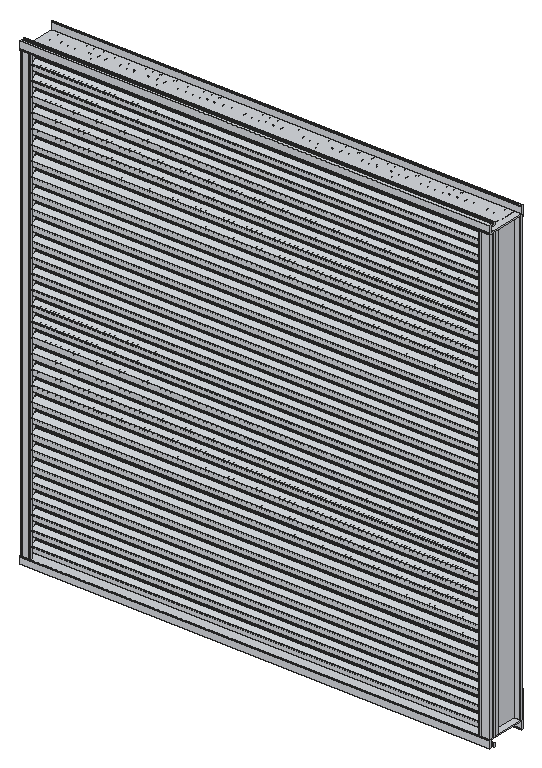
Revit family "D-HV-4", category Mechanical Equipment, Revit 2015
Parameters
  URL = "http://unitedenertech.com/catalog/pdf/A_18a%20D-HV-4.pdf"
  Type Comments = "Max. Single Section Size is (120\"w  x  84\"h) or (84\"w  x  120\"h)"
  Model = "D-HV-4"
  Manufacturer = "United Enertech Corporation"
  Exact Width = 4' - 0"
  Exact Height = 4' - 0"
  Description = "High Performance Fixed Louver"
  Depth = 0' - 4.21363"
  Blade Spacing = 0' - 1.47"
  Blade 2 Spacing = 0' - 0 3/4"
  Blade 2 Number [instance] = rounddown((Exact Width - 0' 1 11/16") / 0' 0 3/4")  # 61
  Blade 1 Number [instance] = rounddown((Exact Height - 0' 1 3/4") / 0' 1 15/32")  # 31
  B2W [instance] = Exact Height - 0' 1 3/4"  # 3' - 10 1/4"
  B1W [instance] = Exact Width - 0' 1 11/16"  # 3' - 10 5/16"
Reference planes (in)
  plane 1 "Center (Front/Back)": y = 0
  plane 2: z = 0
  plane 3 "Center (Left/Right)": x = 0
  plane 4: x = -24
  plane 5: x = 24
  plane 6: z = 48
  plane 7: x = -23.166
  plane 8: x = 23.166
  plane 9: z = 0.875
  plane 10: z = 47.125
  plane 11: y = 4.21363
  plane 12: z = 24
  plane 13: x = -22.60772
Forms (in)
  Extrusion 1, solid
    sketch origin (29.57251, -4.10359, 0) x (1, 0, 0) y (0, 1, 0)
      loop
        line (-52.44751, 4.10359) -> (-52.44751, 4.23623) -> (-52.73851, 4.23623) -> (-52.73851, 4.34323) -> (-52.81951, 4.34323) -> (-52.81951, 4.23623) -> (-53.27651, 4.23623) -> (-53.27651, 4.73623) -> (-53.44551, 4.73623) -> (-53.44551, 5.07423) -> (-52.73851, 5.07423) -> (-52.73851, 8.18623) -> (-52.44751, 8.18623) -> (-52.44751, 8.23623) -> (-53.57251, 8.23623) -> (-53.57251, 8.04823) -> (-53.49151, 8.04823) -> (-53.49151, 8.15523) -> (-52.81951, 8.15523) -> (-52.81951, 5.15523) -> (-53.52651, 5.15523) -> (-53.52651, 4.73623) -> (-53.57251, 4.73623) -> (-53.57251, 4.65523) -> (-53.52651, 4.65523) -> (-53.52651, 4.59323) -> (-53.44551, 4.59323) -> (-53.44551, 4.65523) -> (-53.35751, 4.65523) -> (-53.35751, 4.23623) -> (-53.44551, 4.23623) -> (-53.44551, 4.37423) -> (-53.52651, 4.37423) -> (-53.52651, 4.15523) -> (-52.5656, 4.15523) -> (-52.5656, 4.10359) -> (-52.44751, 4.10359)
    from 0.875 to 47.125
  Extrusion 2, solid
    sketch origin (-29.57251, -4.10359, 0) x (-1, 0, 0) y (0, -1, 0)
      loop
        line (-52.44751, -4.10359) -> (-52.5656, -4.10359) -> (-52.5656, -4.15523) -> (-53.52651, -4.15523) -> (-53.52651, -4.37423) -> (-53.44551, -4.37423) -> (-53.44551, -4.23623) -> (-53.35751, -4.23623) -> (-53.35751, -4.65523) -> (-53.44551, -4.65523) -> (-53.44551, -4.59323) -> (-53.52651, -4.59323) -> (-53.52651, -4.65523) -> (-53.57251, -4.65523) -> (-53.57251, -4.73623) -> (-53.52651, -4.73623) -> (-53.52651, -5.15523) -> (-52.81951, -5.15523) -> (-52.81951, -8.15523) -> (-53.49151, -8.15523) -> (-53.49151, -8.04823) -> (-53.57251, -8.04823) -> (-53.57251, -8.23623) -> (-52.44751, -8.23623) -> (-52.44751, -8.18623) -> (-52.73851, -8.18623) -> (-52.73851, -5.07423) -> (-53.44551, -5.07423) -> (-53.44551, -4.73623) -> (-53.27651, -4.73623) -> (-53.27651, -4.23623) -> (-52.81951, -4.23623) -> (-52.81951, -4.34323) -> (-52.73851, -4.34323) -> (-52.73851, -4.23623) -> (-52.44751, -4.23623) -> (-52.44751, -4.10359)
    from 0.875 to 47.125
  Extrusion 3, solid
    sketch origin (-49.56901, 55.11197, -8.09423) x (0, 1, 0) y (0, 0, 1)
      loop
        line (-54.56033, 8.09423) -> (-54.47933, 8.09423) -> (-54.47933, 8.41923) -> (-54.97933, 8.41923) -> (-54.97933, 8.88823) -> (-50.97933, 8.88823) -> (-50.97933, 8.17523) -> (-51.08633, 8.17523) -> (-51.08633, 8.09423) -> (-50.89833, 8.09423) -> (-50.89833, 11.76923) -> (-50.97933, 11.76923) -> (-50.97933, 8.96923) -> (-55.11197, 8.96923) -> (-55.11197, 8.88823) -> (-55.06033, 8.88823) -> (-55.06033, 8.16923) -> (-54.84233, 8.16923) -> (-54.84233, 8.25023) -> (-54.97933, 8.25023) -> (-54.97933, 8.33823) -> (-54.56033, 8.33823) -> (-54.56033, 8.25023) -> (-54.62333, 8.25023) -> (-54.62333, 8.16923) -> (-54.56033, 8.16923) -> (-54.56033, 8.09423)
    from 25.56901 to 73.56901
  Extrusion 4, solid
    sketch origin (-46.30871, 56.021, 18.8787) x (0, 1, 0) y (0, 0, 1)
      loop
        line (-56.021, 28.2463) -> (-51.88837, 28.2463) -> (-51.88837, 27.9963) -> (-51.80737, 27.9963) -> (-51.80737, 29.1213) -> (-51.99537, 29.1213) -> (-51.99537, 29.0403) -> (-51.88837, 29.0403) -> (-51.88837, 28.3273) -> (-55.88837, 28.3273) -> (-55.88837, 28.7963) -> (-55.38837, 28.7963) -> (-55.38837, 29.1213) -> (-55.46937, 29.1213) -> (-55.46937, 29.0463) -> (-55.53237, 29.0463) -> (-55.53237, 28.9653) -> (-55.46937, 28.9653) -> (-55.46937, 28.8773) -> (-55.88837, 28.8773) -> (-55.88837, 28.9653) -> (-55.75137, 28.9653) -> (-55.75137, 29.0463) -> (-55.96937, 29.0463) -> (-55.96937, 28.3273) -> (-56.021, 28.3273) -> (-56.021, 28.2463)
    from 22.30871 to 70.30871
Dimensions and locks (in)
  equal spacing: plane 4, plane 3 "Center (Left/Right)", plane 5
  "Exact Width": plane 4 to plane 5
  "Exact Height": plane 6 to level
  locked: plane 4 to plane 7 at 0.834
  locked: plane 8 to plane 5 at 0.834
  locked: plane 9 to level at 0.875
  locked: plane 6 to plane 10 at 0.875
  "Depth": plane 1 "Center (Front/Back)" to plane 11
  equal spacing: group 1, group 2, group 3, group 4, group 5, group 6, group 7, group 8, group 9, group 10, group 11, group 12, group 13, group 14, group 15, group 16, group 17, group 18, group 19, group 20, group 21, group 22, group 23, group 85, group 86, group 87, group 88, group 89, group 90, group 91, group 92  (x2)
  equal spacing: group 92, group 91, group 90, group 89, group 88, group 87, group 86, group 85, group 23, group 22, group 21, group 20, group 19, group 18, group 17, group 16, group 15, group 14, group 13, group 12, group 11, group 10, group 9, group 8, group 7, group 6, group 5, group 4, group 3, group 2, group 1
  "Blade Spacing": nested 2 to nested 1
  equal spacing: plane 6, plane 12, level
  locked: plane 7 to plane 13 at 0.55828
  equal spacing: group 24, group 25, group 26, group 27, group 28, group 29, group 30, group 31, group 32, group 33, group 34, group 35, group 36, group 37, group 38, group 39, group 40, group 41, group 42, group 43, group 44, group 45, group 46, group 47, group 48, group 49, group 50, group 51, group 52, group 53, group 54, group 55, group 56, group 57, group 58, group 59, group 60, group 61, group 62, group 63, group 64, group 65, group 66, group 67, group 68, group 69, group 70, group 71, group 72, group 73, group 74, group 75, group 76, group 77, group 78, group 79, group 80, group 81, group 82, group 83, group 84  (x3)
  "Blade 2 Spacing": nested 24 to nested 25
  aligned and locked: level to plane 2
  aligned and locked: plane 5 to Extrusion 3
  aligned and locked: plane 4 to Extrusion 3
  aligned and locked: Extrusion 1 to plane 9
  aligned and locked: Extrusion 2 to plane 9
  aligned and locked: plane 6 to Extrusion 4
  aligned and locked: plane 5 to Extrusion 4
  aligned and locked: plane 4 to Extrusion 4
  aligned and locked: plane 10 to Extrusion 1
  aligned and locked: plane 10 to Extrusion 2
  aligned and locked: plane 3 "Center (Left/Right)" to nested 1
  aligned and locked: Extrusion 4 to plane 10
  aligned and locked: Extrusion 1 to Extrusion 4
  aligned and locked: plane 10 to nested 1
  aligned and locked: nested 2 to nested 1
  aligned and locked: plane 12 to nested 24
  aligned and locked: plane 13 to nested 24
  aligned and locked: nested 25 to nested 24
Automatic sketch dimensions
  Extrusion 1 sketch curve to plane 4 = 0' - 0"  (x2)
  plane 1 "Center (Front/Back)" to Extrusion 1 sketch curve = 0' - 0"
  Extrusion 1 sketch curve to plane 4 = 0' - 0.046"  (x3)
  Extrusion 1 sketch curve to plane 4 = 0' - 0.081"
  Extrusion 1 sketch curve to Extrusion 1 sketch curve = 0' - 0.081"  (x10)
  Extrusion 1 sketch curve to Extrusion 1 sketch curve = 0' - 0.088"
  Extrusion 1 sketch curve to plane 1 "Center (Front/Back)" = 0' - 0.13263"
  Extrusion 1 sketch curve to Extrusion 1 sketch curve = 0' - 0.457"
  Extrusion 1 sketch curve to Extrusion 1 sketch curve = 0' - 0.672"
  Extrusion 1 sketch curve to plane 1 "Center (Front/Back)" = 0' - 0.05163"
  Extrusion 1 sketch curve to Extrusion 1 sketch curve = 0' - 0.17291"
  Extrusion 1 sketch curve to Extrusion 1 sketch curve = 0' - 0.11809"
  Extrusion 1 sketch curve to Extrusion 1 sketch curve = 0' - 0.291"
  Extrusion 1 sketch curve to Extrusion 1 sketch curve = 0' - 0"  (x2)
  Extrusion 1 sketch curve to Extrusion 1 sketch curve = 0' - 0.107"  (x2)
  Extrusion 1 sketch curve to Extrusion 1 sketch curve = 0' - 0.138"
  Extrusion 1 sketch curve to Extrusion 1 sketch curve = 0' - 0.219"
  Extrusion 1 sketch curve to Extrusion 1 sketch curve = 0' - 0.062"  (x2)
  Extrusion 1 sketch curve to Extrusion 1 sketch curve = 0' - 0.338"
  Extrusion 1 sketch curve to Extrusion 1 sketch curve = 0' - 2.893"
  Extrusion 1 sketch curve to Extrusion 1 sketch curve = 0' - 0.031"
  Extrusion 2 sketch curve to plane 5 = 0' - 0"  (x2)
  plane 1 "Center (Front/Back)" to Extrusion 2 sketch curve = 0' - 0"
  plane 5 to Extrusion 2 sketch curve = 0' - 0.046"  (x3)
  Extrusion 2 sketch curve to Extrusion 2 sketch curve = 0' - 0.081"  (x11)
  Extrusion 2 sketch curve to Extrusion 2 sketch curve = 0' - 0.088"
  plane 1 "Center (Front/Back)" to Extrusion 2 sketch curve = 0' - 0.13263"
  Extrusion 2 sketch curve to Extrusion 2 sketch curve = 0' - 0.457"
  Extrusion 2 sketch curve to Extrusion 2 sketch curve = 0' - 0.672"
  plane 1 "Center (Front/Back)" to Extrusion 2 sketch curve = 0' - 0.05163"
  Extrusion 2 sketch curve to Extrusion 2 sketch curve = 0' - 0.17291"
  Extrusion 2 sketch curve to Extrusion 2 sketch curve = 0' - 0.11809"
  Extrusion 2 sketch curve to Extrusion 2 sketch curve = 0' - 0.291"
  Extrusion 2 sketch curve to Extrusion 2 sketch curve = 0' - 0"  (x2)
  Extrusion 2 sketch curve to Extrusion 2 sketch curve = 0' - 0.107"  (x2)
  Extrusion 2 sketch curve to Extrusion 2 sketch curve = 0' - 0.138"
  Extrusion 2 sketch curve to Extrusion 2 sketch curve = 0' - 0.219"
  Extrusion 2 sketch curve to Extrusion 2 sketch curve = 0' - 0.062"  (x2)
  Extrusion 2 sketch curve to Extrusion 2 sketch curve = 0' - 0.338"
  Extrusion 2 sketch curve to Extrusion 2 sketch curve = 0' - 2.893"
  Extrusion 2 sketch curve to Extrusion 2 sketch curve = 0' - 0.031"
  Extrusion 3 sketch curve to plane 1 "Center (Front/Back)" = 0' - 0"
  Extrusion 3 sketch curve to Extrusion 3 sketch curve = 0' - 0.05163"
  Extrusion 3 sketch curve to Extrusion 3 sketch curve = 0' - 0.081"  (x8)
  Extrusion 3 sketch curve to Extrusion 3 sketch curve = 0' - 0"  (x5)
  Extrusion 3 sketch curve to Extrusion 3 sketch curve = 0' - 0.137"
  Extrusion 3 sketch curve to Extrusion 3 sketch curve = 0' - 0.219"
  Extrusion 3 sketch curve to Extrusion 3 sketch curve = 0' - 0.063"  (x2)
  Extrusion 3 sketch curve to Extrusion 3 sketch curve = 0' - 3.393"
  Extrusion 3 sketch curve to Extrusion 3 sketch curve = 0' - 0.107"
  level to Extrusion 3 sketch curve = 0' - 0"
  Extrusion 3 sketch curve to Extrusion 3 sketch curve = 0' - 0.075"
  Extrusion 3 sketch curve to Extrusion 3 sketch curve = 0' - 0.088"
  Extrusion 3 sketch curve to Extrusion 3 sketch curve = 0' - 0.713"
  Extrusion 3 sketch curve to Extrusion 3 sketch curve = 0' - 2.8"
  Extrusion 4 sketch curve to plane 1 "Center (Front/Back)" = 0' - 0"
  Extrusion 4 sketch curve to Extrusion 4 sketch curve = 0' - 0.05163"
  Extrusion 4 sketch curve to Extrusion 4 sketch curve = 0' - 0.081"  (x9)
  Extrusion 4 sketch curve to Extrusion 4 sketch curve = 0' - 0.137"
  Extrusion 4 sketch curve to Extrusion 4 sketch curve = 0' - 0.219"
  Extrusion 4 sketch curve to Extrusion 4 sketch curve = 0' - 0.063"  (x2)
  Extrusion 4 sketch curve to Extrusion 4 sketch curve = 0' - 3.393"
  Extrusion 4 sketch curve to Extrusion 4 sketch curve = 0' - 0.107"
  Extrusion 4 sketch curve to Extrusion 4 sketch curve = 0' - 0"  (x2)
  plane 9 to Extrusion 4 sketch curve = 3' - 10"
  Extrusion 4 sketch curve to Extrusion 4 sketch curve = 0' - 0 1/4"
  Extrusion 4 sketch curve to Extrusion 4 sketch curve = 0' - 0.469"
  Extrusion 4 sketch curve to Extrusion 4 sketch curve = 0' - 0.088"  (x2)
  Extrusion 4 sketch curve to Extrusion 4 sketch curve = 0' - 0.713"
  Extrusion 4 sketch curve to Extrusion 4 sketch curve = 0' - 0.075"
Nested families (in)
  nested 1: "DHVBlade1" at (0, -6.89052, 40.3854), type "DHVBlade1"
    with Blade Width 1 3' - 10 5/16"
  nested 2: "DHVBlade1" at (0, -6.89052, 38.9154), type "DHVBlade1"
    with Blade Width 1 3' - 10 5/16"
  nested 3: "DHVBlade1" at (0, -6.89052, 37.4454), type "DHVBlade1"
    with Blade Width 1 3' - 10 5/16"
  nested 4: "DHVBlade1" at (0, -6.89052, 35.9754), type "DHVBlade1"
    with Blade Width 1 3' - 10 5/16"
  nested 5: "DHVBlade1" at (0, -6.89052, 34.5054), type "DHVBlade1"
    with Blade Width 1 3' - 10 5/16"
  nested 6: "DHVBlade1" at (0, -6.89052, 33.0354), type "DHVBlade1"
    with Blade Width 1 3' - 10 5/16"
  nested 7: "DHVBlade1" at (0, -6.89052, 31.5654), type "DHVBlade1"
    with Blade Width 1 3' - 10 5/16"
  nested 8: "DHVBlade1" at (0, -6.89052, 30.0954), type "DHVBlade1"
    with Blade Width 1 3' - 10 5/16"
  nested 9: "DHVBlade1" at (0, -6.89052, 28.6254), type "DHVBlade1"
    with Blade Width 1 3' - 10 5/16"
  nested 10: "DHVBlade1" at (0, -6.89052, 27.1554), type "DHVBlade1"
    with Blade Width 1 3' - 10 5/16"
  nested 11: "DHVBlade1" at (0, -6.89052, 25.6854), type "DHVBlade1"
    with Blade Width 1 3' - 10 5/16"
  nested 12: "DHVBlade1" at (0, -6.89052, 24.2154), type "DHVBlade1"
    with Blade Width 1 3' - 10 5/16"
  nested 13: "DHVBlade1" at (0, -6.89052, 22.7454), type "DHVBlade1"
    with Blade Width 1 3' - 10 5/16"
  nested 14: "DHVBlade1" at (0, -6.89052, 21.2754), type "DHVBlade1"
    with Blade Width 1 3' - 10 5/16"
  nested 15: "DHVBlade1" at (0, -6.89052, 19.8054), type "DHVBlade1"
    with Blade Width 1 3' - 10 5/16"
  nested 16: "DHVBlade1" at (0, -6.89052, 18.3354), type "DHVBlade1"
    with Blade Width 1 3' - 10 5/16"
  nested 17: "DHVBlade1" at (0, -6.89052, 16.8654), type "DHVBlade1"
    with Blade Width 1 3' - 10 5/16"
  nested 18: "DHVBlade1" at (0, -6.89052, 15.3954), type "DHVBlade1"
    with Blade Width 1 3' - 10 5/16"
  nested 19: "DHVBlade1" at (0, -6.89052, 13.9254), type "DHVBlade1"
    with Blade Width 1 3' - 10 5/16"
  nested 20: "DHVBlade1" at (0, -6.89052, 12.4554), type "DHVBlade1"
    with Blade Width 1 3' - 10 5/16"
  nested 21: "DHVBlade1" at (0, -6.89052, 10.9854), type "DHVBlade1"
    with Blade Width 1 3' - 10 5/16"
  nested 22: "DHVBlade1" at (0, -6.89052, 9.5154), type "DHVBlade1"
    with Blade Width 1 3' - 10 5/16"
  nested 23: "DHVBlade1" at (0, -6.89052, 8.0454), type "DHVBlade1"
    with Blade Width 1 3' - 10 5/16"
  nested 24: "DHVBlade2" at (-16.70723, 0.52657, 24) x (0, 0, -1) z (-1, 0, 0), type "DHVBlade2"
    with Blade Width 2 3' - 10 1/4"
  nested 25: "DHVBlade2" at (-15.95723, 0.52657, 24) x (0, 0, -1) z (-1, 0, 0), type "DHVBlade2"
    with Blade Width 2 3' - 10 1/4"
  nested 26: "DHVBlade2" at (-15.20723, 0.52657, 24) x (0, 0, -1) z (-1, 0, 0), type "DHVBlade2"
    with Blade Width 2 3' - 10 1/4"
  nested 27: "DHVBlade2" at (-14.45723, 0.52657, 24) x (0, 0, -1) z (-1, 0, 0), type "DHVBlade2"
    with Blade Width 2 3' - 10 1/4"
  nested 28: "DHVBlade2" at (-13.70723, 0.52657, 24) x (0, 0, -1) z (-1, 0, 0), type "DHVBlade2"
    with Blade Width 2 3' - 10 1/4"
  nested 29: "DHVBlade2" at (-12.95723, 0.52657, 24) x (0, 0, -1) z (-1, 0, 0), type "DHVBlade2"
    with Blade Width 2 3' - 10 1/4"
  nested 30: "DHVBlade2" at (-12.20723, 0.52657, 24) x (0, 0, -1) z (-1, 0, 0), type "DHVBlade2"
    with Blade Width 2 3' - 10 1/4"
  nested 31: "DHVBlade2" at (-11.45723, 0.52657, 24) x (0, 0, -1) z (-1, 0, 0), type "DHVBlade2"
    with Blade Width 2 3' - 10 1/4"
  nested 32: "DHVBlade2" at (-10.70723, 0.52657, 24) x (0, 0, -1) z (-1, 0, 0), type "DHVBlade2"
    with Blade Width 2 3' - 10 1/4"
  nested 33: "DHVBlade2" at (-9.95723, 0.52657, 24) x (0, 0, -1) z (-1, 0, 0), type "DHVBlade2"
    with Blade Width 2 3' - 10 1/4"
  nested 34: "DHVBlade2" at (-9.20723, 0.52657, 24) x (0, 0, -1) z (-1, 0, 0), type "DHVBlade2"
    with Blade Width 2 3' - 10 1/4"
  nested 35: "DHVBlade2" at (-8.45723, 0.52657, 24) x (0, 0, -1) z (-1, 0, 0), type "DHVBlade2"
    with Blade Width 2 3' - 10 1/4"
  nested 36: "DHVBlade2" at (-7.70723, 0.52657, 24) x (0, 0, -1) z (-1, 0, 0), type "DHVBlade2"
    with Blade Width 2 3' - 10 1/4"
  nested 37: "DHVBlade2" at (-6.95723, 0.52657, 24) x (0, 0, -1) z (-1, 0, 0), type "DHVBlade2"
    with Blade Width 2 3' - 10 1/4"
  nested 38: "DHVBlade2" at (-6.20723, 0.52657, 24) x (0, 0, -1) z (-1, 0, 0), type "DHVBlade2"
    with Blade Width 2 3' - 10 1/4"
  nested 39: "DHVBlade2" at (-5.45723, 0.52657, 24) x (0, 0, -1) z (-1, 0, 0), type "DHVBlade2"
    with Blade Width 2 3' - 10 1/4"
  nested 40: "DHVBlade2" at (-4.70723, 0.52657, 24) x (0, 0, -1) z (-1, 0, 0), type "DHVBlade2"
    with Blade Width 2 3' - 10 1/4"
  nested 41: "DHVBlade2" at (-3.95723, 0.52657, 24) x (0, 0, -1) z (-1, 0, 0), type "DHVBlade2"
    with Blade Width 2 3' - 10 1/4"
  nested 42: "DHVBlade2" at (-3.20723, 0.52657, 24) x (0, 0, -1) z (-1, 0, 0), type "DHVBlade2"
    with Blade Width 2 3' - 10 1/4"
  nested 43: "DHVBlade2" at (-2.45723, 0.52657, 24) x (0, 0, -1) z (-1, 0, 0), type "DHVBlade2"
    with Blade Width 2 3' - 10 1/4"
  nested 44: "DHVBlade2" at (-1.70723, 0.52657, 24) x (0, 0, -1) z (-1, 0, 0), type "DHVBlade2"
    with Blade Width 2 3' - 10 1/4"
  nested 45: "DHVBlade2" at (-0.95723, 0.52657, 24) x (0, 0, -1) z (-1, 0, 0), type "DHVBlade2"
    with Blade Width 2 3' - 10 1/4"
  nested 46: "DHVBlade2" at (-0.20723, 0.52657, 24) x (0, 0, -1) z (-1, 0, 0), type "DHVBlade2"
    with Blade Width 2 3' - 10 1/4"
  nested 47: "DHVBlade2" at (0.54277, 0.52657, 24) x (0, 0, -1) z (-1, 0, 0), type "DHVBlade2"
    with Blade Width 2 3' - 10 1/4"
  nested 48: "DHVBlade2" at (1.29277, 0.52657, 24) x (0, 0, -1) z (-1, 0, 0), type "DHVBlade2"
    with Blade Width 2 3' - 10 1/4"
  nested 49: "DHVBlade2" at (2.04277, 0.52657, 24) x (0, 0, -1) z (-1, 0, 0), type "DHVBlade2"
    with Blade Width 2 3' - 10 1/4"
  nested 50: "DHVBlade2" at (2.79277, 0.52657, 24) x (0, 0, -1) z (-1, 0, 0), type "DHVBlade2"
    with Blade Width 2 3' - 10 1/4"
  nested 51: "DHVBlade2" at (3.54277, 0.52657, 24) x (0, 0, -1) z (-1, 0, 0), type "DHVBlade2"
    with Blade Width 2 3' - 10 1/4"
  nested 52: "DHVBlade2" at (4.29277, 0.52657, 24) x (0, 0, -1) z (-1, 0, 0), type "DHVBlade2"
    with Blade Width 2 3' - 10 1/4"
  nested 53: "DHVBlade2" at (5.04277, 0.52657, 24) x (0, 0, -1) z (-1, 0, 0), type "DHVBlade2"
    with Blade Width 2 3' - 10 1/4"
  nested 54: "DHVBlade2" at (5.79277, 0.52657, 24) x (0, 0, -1) z (-1, 0, 0), type "DHVBlade2"
    with Blade Width 2 3' - 10 1/4"
  nested 55: "DHVBlade2" at (6.54277, 0.52657, 24) x (0, 0, -1) z (-1, 0, 0), type "DHVBlade2"
    with Blade Width 2 3' - 10 1/4"
  nested 56: "DHVBlade2" at (7.29277, 0.52657, 24) x (0, 0, -1) z (-1, 0, 0), type "DHVBlade2"
    with Blade Width 2 3' - 10 1/4"
  nested 57: "DHVBlade2" at (8.04277, 0.52657, 24) x (0, 0, -1) z (-1, 0, 0), type "DHVBlade2"
    with Blade Width 2 3' - 10 1/4"
  nested 58: "DHVBlade2" at (8.79277, 0.52657, 24) x (0, 0, -1) z (-1, 0, 0), type "DHVBlade2"
    with Blade Width 2 3' - 10 1/4"
  nested 59: "DHVBlade2" at (9.54277, 0.52657, 24) x (0, 0, -1) z (-1, 0, 0), type "DHVBlade2"
    with Blade Width 2 3' - 10 1/4"
  nested 60: "DHVBlade2" at (10.29277, 0.52657, 24) x (0, 0, -1) z (-1, 0, 0), type "DHVBlade2"
    with Blade Width 2 3' - 10 1/4"
  nested 61: "DHVBlade2" at (11.04277, 0.52657, 24) x (0, 0, -1) z (-1, 0, 0), type "DHVBlade2"
    with Blade Width 2 3' - 10 1/4"
  nested 62: "DHVBlade2" at (11.79277, 0.52657, 24) x (0, 0, -1) z (-1, 0, 0), type "DHVBlade2"
    with Blade Width 2 3' - 10 1/4"
  nested 63: "DHVBlade2" at (12.54277, 0.52657, 24) x (0, 0, -1) z (-1, 0, 0), type "DHVBlade2"
    with Blade Width 2 3' - 10 1/4"
  nested 64: "DHVBlade2" at (13.29277, 0.52657, 24) x (0, 0, -1) z (-1, 0, 0), type "DHVBlade2"
    with Blade Width 2 3' - 10 1/4"
  nested 65: "DHVBlade2" at (14.04277, 0.52657, 24) x (0, 0, -1) z (-1, 0, 0), type "DHVBlade2"
    with Blade Width 2 3' - 10 1/4"
  nested 66: "DHVBlade2" at (14.79277, 0.52657, 24) x (0, 0, -1) z (-1, 0, 0), type "DHVBlade2"
    with Blade Width 2 3' - 10 1/4"
  nested 67: "DHVBlade2" at (15.54277, 0.52657, 24) x (0, 0, -1) z (-1, 0, 0), type "DHVBlade2"
    with Blade Width 2 3' - 10 1/4"
  nested 68: "DHVBlade2" at (16.29277, 0.52657, 24) x (0, 0, -1) z (-1, 0, 0), type "DHVBlade2"
    with Blade Width 2 3' - 10 1/4"
  nested 69: "DHVBlade2" at (17.04277, 0.52657, 24) x (0, 0, -1) z (-1, 0, 0), type "DHVBlade2"
    with Blade Width 2 3' - 10 1/4"
  nested 70: "DHVBlade2" at (17.79277, 0.52657, 24) x (0, 0, -1) z (-1, 0, 0), type "DHVBlade2"
    with Blade Width 2 3' - 10 1/4"
  nested 71: "DHVBlade2" at (18.54277, 0.52657, 24) x (0, 0, -1) z (-1, 0, 0), type "DHVBlade2"
    with Blade Width 2 3' - 10 1/4"
  nested 72: "DHVBlade2" at (19.29277, 0.52657, 24) x (0, 0, -1) z (-1, 0, 0), type "DHVBlade2"
    with Blade Width 2 3' - 10 1/4"
  nested 73: "DHVBlade2" at (20.04277, 0.52657, 24) x (0, 0, -1) z (-1, 0, 0), type "DHVBlade2"
    with Blade Width 2 3' - 10 1/4"
  nested 74: "DHVBlade2" at (20.79277, 0.52657, 24) x (0, 0, -1) z (-1, 0, 0), type "DHVBlade2"
    with Blade Width 2 3' - 10 1/4"
  nested 75: "DHVBlade2" at (21.54277, 0.52657, 24) x (0, 0, -1) z (-1, 0, 0), type "DHVBlade2"
    with Blade Width 2 3' - 10 1/4"
  nested 76: "DHVBlade2" at (22.29277, 0.52657, 24) x (0, 0, -1) z (-1, 0, 0), type "DHVBlade2"
    with Blade Width 2 3' - 10 1/4"
  nested 77: "DHVBlade2" at (23.04277, 0.52657, 24) x (0, 0, -1) z (-1, 0, 0), type "DHVBlade2"
    with Blade Width 2 3' - 10 1/4"
  nested 78: "DHVBlade2" at (23.79277, 0.52657, 24) x (0, 0, -1) z (-1, 0, 0), type "DHVBlade2"
    with Blade Width 2 3' - 10 1/4"
  nested 79: "DHVBlade2" at (24.54277, 0.52657, 24) x (0, 0, -1) z (-1, 0, 0), type "DHVBlade2"
    with Blade Width 2 3' - 10 1/4"
  nested 80: "DHVBlade2" at (25.29277, 0.52657, 24) x (0, 0, -1) z (-1, 0, 0), type "DHVBlade2"
    with Blade Width 2 3' - 10 1/4"
  nested 81: "DHVBlade2" at (26.04277, 0.52657, 24) x (0, 0, -1) z (-1, 0, 0), type "DHVBlade2"
    with Blade Width 2 3' - 10 1/4"
  nested 82: "DHVBlade2" at (26.79277, 0.52657, 24) x (0, 0, -1) z (-1, 0, 0), type "DHVBlade2"
    with Blade Width 2 3' - 10 1/4"
  nested 83: "DHVBlade2" at (27.54277, 0.52657, 24) x (0, 0, -1) z (-1, 0, 0), type "DHVBlade2"
    with Blade Width 2 3' - 10 1/4"
  nested 84: "DHVBlade2" at (28.29277, 0.52657, 24) x (0, 0, -1) z (-1, 0, 0), type "DHVBlade2"
    with Blade Width 2 3' - 10 1/4"
  nested 85: "DHVBlade1" at (0, -6.89052, 6.5754), type "DHVBlade1"
    with Blade Width 1 3' - 10 5/16"
  nested 86: "DHVBlade1" at (0, -6.89052, 5.1054), type "DHVBlade1"
    with Blade Width 1 3' - 10 5/16"
  nested 87: "DHVBlade1" at (0, -6.89052, 3.6354), type "DHVBlade1"
    with Blade Width 1 3' - 10 5/16"
  nested 88: "DHVBlade1" at (0, -6.89052, 2.1654), type "DHVBlade1"
    with Blade Width 1 3' - 10 5/16"
  nested 89: "DHVBlade1" at (0, -6.89052, 0.6954), type "DHVBlade1"
    with Blade Width 1 3' - 10 5/16"
  nested 90: "DHVBlade1" at (0, -6.89052, -0.7746), type "DHVBlade1"
    with Blade Width 1 3' - 10 5/16"
  nested 91: "DHVBlade1" at (0, -6.89052, -2.2446), type "DHVBlade1"
    with Blade Width 1 3' - 10 5/16"
  nested 92: "DHVBlade1" at (0, -6.89052, -3.7146), type "DHVBlade1"
    with Blade Width 1 3' - 10 5/16"
Definition of nested family "DHVBlade1"
  Parameters (values of type "DHVBlade1")
    Blade Width 1 = 2' - 0"
  Reference planes (in)
    plane 1 "Center (Front/Back)": y = 0
    plane 2: z = 0
    plane 3 "Center (Left/Right)": x = 0
    plane 4: x = -12
    plane 5: x = 12
  Forms (in)
    Extrusion 1, solid
      sketch origin (1.89341, -2.95877, -2.02413) x (0, 1, 0) y (0, 0, 1)
        loop
          line (10.16707, 7.65157) -> (9.98193, 7.82221) -> (9.98193, 7.28453) -> (10.86808, 7.88872) -> (10.93063, 7.87471) -> (10.95227, 7.92983) -> (10.91452, 7.94204) -> (10.88215, 7.9662) -> (10.86617, 8.00338) -> (10.87378, 8.04988) -> (10.89948, 8.07914) -> (10.93567, 8.09233) -> (10.97336, 8.08678) -> (11.02156, 8.0116) -> (11.02005, 7.9723) -> (11.08226, 7.9723) -> (11.0816, 8.01665) -> (11.08006, 8.07613) -> (11.28083, 8.21301) -> (11.33263, 8.19113) -> (11.38132, 8.17808) -> (11.39662, 8.23516) -> (11.33327, 8.26192) -> (11.31457, 8.29099) -> (11.31209, 8.33614) -> (11.33044, 8.3705) -> (11.35768, 8.38967) -> (11.39465, 8.39551) -> (11.46585, 8.31118) -> (11.46585, 8.2753) -> (11.52617, 8.27292) -> (11.53091, 8.33837) -> (11.98387, 8.76373) -> (11.6938, 8.76373) -> (11.6938, 8.70556) -> (11.83428, 8.70556) -> (11.51581, 8.4065) -> (11.48429, 8.4167) -> (11.44996, 8.44111) -> (11.41751, 8.4526) -> (11.37553, 8.45523) -> (11.33738, 8.44618) -> (11.29675, 8.42136) -> (11.27156, 8.39196) -> (11.25553, 8.35679) -> (11.25078, 8.30185) -> (11.24919, 8.26359) -> (11.04461, 8.1241) -> (11.00937, 8.136) -> (10.95784, 8.15197) -> (10.91286, 8.14928) -> (10.8665, 8.12927) -> (10.83251, 8.09682) -> (10.80948, 8.04807) -> (10.80712, 7.99265) -> (10.81775, 7.92656) -> (10.04234, 7.39787) -> (10.04234, 7.68494) -> (10.1271, 7.60682) -> (10.16707, 7.65157)
      from -13.89341 to 10.10659
  Dimensions and locks (in)
    equal spacing: plane 4, plane 3 "Center (Left/Right)", plane 5
    "Blade Width 1": plane 4 to plane 5
    aligned and locked: level to plane 2
    aligned and locked: plane 5 to Extrusion 1
    aligned and locked: plane 4 to Extrusion 1
  Automatic sketch dimensions
    Extrusion 1 sketch curve to plane 1 "Center (Front/Back)" = 0' - 7.02316"
    Extrusion 1 sketch curve to Extrusion 1 sketch curve = 0' - 0.06042"
    Extrusion 1 sketch curve to Extrusion 1 sketch curve = 0' - 0.08476"
    Extrusion 1 sketch curve to Extrusion 1 sketch curve = 0' - 0.03997"
    Extrusion 1 sketch curve to Extrusion 1 sketch curve = 0' - 0.64005"
    Extrusion 1 sketch curve to Extrusion 1 sketch curve = 0' - 0.00236"
    Extrusion 1 sketch curve to Extrusion 1 sketch curve = 0' - 0.01064"
    Extrusion 1 sketch curve to Extrusion 1 sketch curve = 0' - 0.02302"
    Extrusion 1 sketch curve to Extrusion 1 sketch curve = 0' - 0.05905"
    Extrusion 1 sketch curve to Extrusion 1 sketch curve = 0' - 0.03399"
    Extrusion 1 sketch curve to Extrusion 1 sketch curve = 0' - 0.05032"
    Extrusion 1 sketch curve to Extrusion 1 sketch curve = 0' - 0.00761"
    Extrusion 1 sketch curve to Extrusion 1 sketch curve = 0' - 0.01598"
    Extrusion 1 sketch curve to Extrusion 1 sketch curve = 0' - 0.02569"
    Extrusion 1 sketch curve to Extrusion 1 sketch curve = 0' - 0.04637"
    Extrusion 1 sketch curve to Extrusion 1 sketch curve = 0' - 0.03237"
    Extrusion 1 sketch curve to Extrusion 1 sketch curve = 0' - 0.06255"
    Extrusion 1 sketch curve to Extrusion 1 sketch curve = 0' - 0.03619"
    Extrusion 1 sketch curve to Extrusion 1 sketch curve = 0' - 0.03775"
    Extrusion 1 sketch curve to Extrusion 1 sketch curve = 0' - 0.04498"
    Extrusion 1 sketch curve to Extrusion 1 sketch curve = 0' - 0.03769"
    Extrusion 1 sketch curve to Extrusion 1 sketch curve = 0' - 0.05153"
    Extrusion 1 sketch curve to Extrusion 1 sketch curve = 0' - 0.06778"
    Extrusion 1 sketch curve to Extrusion 1 sketch curve = 0' - 0.00151"
    Extrusion 1 sketch curve to Extrusion 1 sketch curve = 0' - 0.03524"
    Extrusion 1 sketch curve to Extrusion 1 sketch curve = 0' - 0.03546"
    Extrusion 1 sketch curve to Extrusion 1 sketch curve = 0' - 0.00153"
    Extrusion 1 sketch curve to Extrusion 1 sketch curve = 0' - 0.00066"
    Extrusion 1 sketch curve to Extrusion 1 sketch curve = 0' - 0.20458"
    Extrusion 1 sketch curve to Extrusion 1 sketch curve = 0' - 0.00159"
    Extrusion 1 sketch curve to Extrusion 1 sketch curve = 0' - 0.00475"
    Extrusion 1 sketch curve to Extrusion 1 sketch curve = 0' - 0.01602"
    Extrusion 1 sketch curve to Extrusion 1 sketch curve = 0' - 0.03164"
    Extrusion 1 sketch curve to Extrusion 1 sketch curve = 0' - 0.02519"
    Extrusion 1 sketch curve to Extrusion 1 sketch curve = 0' - 0.05656"
    Extrusion 1 sketch curve to Extrusion 1 sketch curve = 0' - 0.00248"
    Extrusion 1 sketch curve to Extrusion 1 sketch curve = 0' - 0.01835"
    Extrusion 1 sketch curve to Extrusion 1 sketch curve = 0' - 0.0518"
    Extrusion 1 sketch curve to Extrusion 1 sketch curve = 0' - 0.0187"
    Extrusion 1 sketch curve to Extrusion 1 sketch curve = 0' - 0.04063"
    Extrusion 1 sketch curve to Extrusion 1 sketch curve = 0' - 0.02723"
    Extrusion 1 sketch curve to Extrusion 1 sketch curve = 0' - 0.03815"
    Extrusion 1 sketch curve to Extrusion 1 sketch curve = 0' - 0.0487"
    Extrusion 1 sketch curve to Extrusion 1 sketch curve = 0' - 0.03698"
    Extrusion 1 sketch curve to Extrusion 1 sketch curve = 0' - 0.01529"
    Extrusion 1 sketch curve to Extrusion 1 sketch curve = 0' - 0.04198"
    Extrusion 1 sketch curve to Extrusion 1 sketch curve = 0' - 0.03246"
    Extrusion 1 sketch curve to Extrusion 1 sketch curve = 0' - 0.06924"
    Extrusion 1 sketch curve to Extrusion 1 sketch curve = 0' - 0.03433"
    Extrusion 1 sketch curve to Extrusion 1 sketch curve = 0' - 0.03152"
    Extrusion 1 sketch curve to Extrusion 1 sketch curve = 0' - 0.06032"
    Extrusion 1 sketch curve to Extrusion 1 sketch curve = 0' - 0.00473"
    Extrusion 1 sketch curve to Extrusion 1 sketch curve = 0' - 0.17799"
    Extrusion 1 sketch curve to Extrusion 1 sketch curve = 0' - 0.14048"
    Extrusion 1 sketch curve to Extrusion 1 sketch curve = 0' - 0.1496"
    level to Extrusion 1 sketch curve = 0' - 5.2604"
    Extrusion 1 sketch curve to Extrusion 1 sketch curve = 0' - 0.11334"
    Extrusion 1 sketch curve to Extrusion 1 sketch curve = 0' - 0.20895"
    Extrusion 1 sketch curve to Extrusion 1 sketch curve = 0' - 0.04475"
    Extrusion 1 sketch curve to Extrusion 1 sketch curve = 0' - 0 5/64"
    Extrusion 1 sketch curve to Extrusion 1 sketch curve = 0' - 0.13728"
    Extrusion 1 sketch curve to Extrusion 1 sketch curve = 0' - 0.22314"
    Extrusion 1 sketch curve to Extrusion 1 sketch curve = 0' - 0.01401"
    Extrusion 1 sketch curve to Extrusion 1 sketch curve = 0' - 0.03783"
    Extrusion 1 sketch curve to Extrusion 1 sketch curve = 0' - 0.05512"
    Extrusion 1 sketch curve to Extrusion 1 sketch curve = 0' - 0.0122"
    Extrusion 1 sketch curve to Extrusion 1 sketch curve = 0' - 0.02416"
    Extrusion 1 sketch curve to Extrusion 1 sketch curve = 0' - 0.04246"
    Extrusion 1 sketch curve to Extrusion 1 sketch curve = 0' - 0.06609"
    Extrusion 1 sketch curve to Extrusion 1 sketch curve = 0' - 0.03718"
    Extrusion 1 sketch curve to Extrusion 1 sketch curve = 0' - 0.03931"
    Extrusion 1 sketch curve to Extrusion 1 sketch curve = 0' - 0.04435"
    Extrusion 1 sketch curve to Extrusion 1 sketch curve = 0' - 0.05542"
    Extrusion 1 sketch curve to Extrusion 1 sketch curve = 0' - 0.0465"
    Extrusion 1 sketch curve to Extrusion 1 sketch curve = 0' - 0.05948"
    Extrusion 1 sketch curve to Extrusion 1 sketch curve = 0' - 0.02926"
    Extrusion 1 sketch curve to Extrusion 1 sketch curve = 0' - 0.00764"
    Extrusion 1 sketch curve to Extrusion 1 sketch curve = 0' - 0.00554"
    Extrusion 1 sketch curve to Extrusion 1 sketch curve = 0' - 0.04875"
    Extrusion 1 sketch curve to Extrusion 1 sketch curve = 0' - 0.04797"
    Extrusion 1 sketch curve to Extrusion 1 sketch curve = 0' - 0.03245"
    Extrusion 1 sketch curve to Extrusion 1 sketch curve = 0' - 0.0119"
    Extrusion 1 sketch curve to Extrusion 1 sketch curve = 0' - 0.02001"
    Extrusion 1 sketch curve to Extrusion 1 sketch curve = 0' - 0.00269"
    Extrusion 1 sketch curve to Extrusion 1 sketch curve = 0' - 0.10195"
    Extrusion 1 sketch curve to Extrusion 1 sketch curve = 0' - 0.01305"
    Extrusion 1 sketch curve to Extrusion 1 sketch curve = 0' - 0.02188"
    Extrusion 1 sketch curve to Extrusion 1 sketch curve = 0' - 0.02676"
    Extrusion 1 sketch curve to Extrusion 1 sketch curve = 0' - 0.05058"
    Extrusion 1 sketch curve to Extrusion 1 sketch curve = 0' - 0.03776"
    Extrusion 1 sketch curve to Extrusion 1 sketch curve = 0' - 0.00237"
    Extrusion 1 sketch curve to Extrusion 1 sketch curve = 0' - 0.02907"
    Extrusion 1 sketch curve to Extrusion 1 sketch curve = 0' - 0.03826"
    Extrusion 1 sketch curve to Extrusion 1 sketch curve = 0' - 0.03589"
    Extrusion 1 sketch curve to Extrusion 1 sketch curve = 0' - 0.04516"
    Extrusion 1 sketch curve to Extrusion 1 sketch curve = 0' - 0.06545"
    Extrusion 1 sketch curve to Extrusion 1 sketch curve = 0' - 0.05495"
    Extrusion 1 sketch curve to Extrusion 1 sketch curve = 0' - 0.03435"
    Extrusion 1 sketch curve to Extrusion 1 sketch curve = 0' - 0.01917"
    Extrusion 1 sketch curve to Extrusion 1 sketch curve = 0' - 0 9/256"
    Extrusion 1 sketch curve to Extrusion 1 sketch curve = 0' - 0.00584"
    Extrusion 1 sketch curve to Extrusion 1 sketch curve = 0' - 0.06813"
    Extrusion 1 sketch curve to Extrusion 1 sketch curve = 0' - 0.0102"
    Extrusion 1 sketch curve to Extrusion 1 sketch curve = 0' - 0.0294"
    Extrusion 1 sketch curve to Extrusion 1 sketch curve = 0' - 0.02442"
    Extrusion 1 sketch curve to Extrusion 1 sketch curve = 0' - 0.02482"
    Extrusion 1 sketch curve to Extrusion 1 sketch curve = 0' - 0.01149"
    Extrusion 1 sketch curve to Extrusion 1 sketch curve = 0' - 0.00905"
    Extrusion 1 sketch curve to Extrusion 1 sketch curve = 0' - 0.29906"
    Extrusion 1 sketch curve to Extrusion 1 sketch curve = 0' - 0.05817"
Definition of nested family "DHVBlade2"
  Parameters (values of type "DHVBlade2")
    Blade Width 2 = 2' - 0"
  Reference planes (in)
    plane 1 "Center (Front/Back)": y = 0
    plane 2: z = 0
    plane 3 "Center (Left/Right)": x = 0
    plane 4: x = -12
    plane 5: x = 12
  Forms (in)
    Extrusion 1, solid
      sketch origin (8.19074, -7.63452, 3.07994) x (0, 1, 0) y (0, 0, 1)
        loop
          line (9.40918, 2.6053) -> (9.40918, 2.82055) -> (9.35918, 2.82055) -> (9.35918, 2.46953) -> (9.86948, 3.00314) -> (9.93532, 3.06975) -> (10.01287, 3.12161) -> (10.09623, 3.15169) -> (10.13002, 3.15749) -> (10.19135, 3.1463) -> (10.28899, 3.12542) -> (10.32369, 3.09822) -> (10.38244, 3.03709) -> (10.47545, 2.94408) -> (10.58933, 2.8302) -> (10.66827, 2.76342) -> (10.74531, 2.72317) -> (10.81613, 2.70189) -> (10.93222, 2.69613) -> (10.99962, 2.65666) -> (10.99962, 2.60216) -> (10.93093, 2.57774) -> (10.88645, 2.60378) -> (10.84469, 2.57967) -> (10.87123, 2.5489) -> (10.90785, 2.52913) -> (10.95667, 2.52476) -> (11.00113, 2.54057) -> (11.03442, 2.5721) -> (11.05188, 2.61196) -> (11.05273, 2.65642) -> (11.03858, 2.69407) -> (11.01462, 2.72227) -> (10.98149, 2.74167) -> (10.94502, 2.74877) -> (10.91142, 2.74831) -> (10.8518, 2.75416) -> (10.8086, 2.76426) -> (10.75326, 2.78511) -> (10.69485, 2.81855) -> (10.61381, 2.89001) -> (10.49831, 3.0049) -> (10.28878, 3.21443) -> (10.29329, 3.25261) -> (10.29028, 3.28479) -> (10.27202, 3.32436) -> (10.23755, 3.35554) -> (10.20779, 3.36757) -> (10.17389, 3.3706) -> (10.11008, 3.34696) -> (10.08268, 3.31669) -> (10.12661, 3.28927) -> (10.17304, 3.32032) -> (10.22835, 3.29797) -> (10.22835, 3.21773) -> (10.2002, 3.19887) -> (10.16923, 3.19693) -> (10.07416, 3.20817) -> (10.00657, 3.18314) -> (9.95879, 3.15832) -> (9.91215, 3.12689) -> (9.87332, 3.09395) -> (9.81231, 3.02971) -> (9.6807, 2.89115) -> (9.40918, 2.6053)
      from -20.19074 to 3.80926
  Dimensions and locks (in)
    equal spacing: plane 4, plane 3 "Center (Left/Right)", plane 5
    "Blade Width 2": plane 4 to plane 5
    aligned and locked: level to plane 2
    aligned and locked: plane 4 to Extrusion 1
    aligned and locked: Extrusion 1 to plane 5
  Automatic sketch dimensions
    Extrusion 1 sketch curve to plane 1 "Center (Front/Back)" = 0' - 1.72467"
    Extrusion 1 sketch curve to Extrusion 1 sketch curve = 0' - 0.05"
    Extrusion 1 sketch curve to Extrusion 1 sketch curve = 0' - 0.27151"
    Extrusion 1 sketch curve to Extrusion 1 sketch curve = 0' - 0.13161"
    Extrusion 1 sketch curve to Extrusion 1 sketch curve = 0' - 0.05717"
    Extrusion 1 sketch curve to Extrusion 1 sketch curve = 0' - 0.06102"
    Extrusion 1 sketch curve to Extrusion 1 sketch curve = 0' - 0.03882"
    Extrusion 1 sketch curve to Extrusion 1 sketch curve = 0' - 0.02318"
    Extrusion 1 sketch curve to Extrusion 1 sketch curve = 0' - 0.04664"
    Extrusion 1 sketch curve to Extrusion 1 sketch curve = 0' - 0.04778"
    Extrusion 1 sketch curve to Extrusion 1 sketch curve = 0' - 0.0063"
    Extrusion 1 sketch curve to Extrusion 1 sketch curve = 0' - 0.06759"
    Extrusion 1 sketch curve to Extrusion 1 sketch curve = 0' - 0.00852"
    Extrusion 1 sketch curve to Extrusion 1 sketch curve = 0' - 0.02207"
    Extrusion 1 sketch curve to Extrusion 1 sketch curve = 0' - 0.02739"
    Extrusion 1 sketch curve to Extrusion 1 sketch curve = 0' - 0.04393"
    Extrusion 1 sketch curve to Extrusion 1 sketch curve = 0' - 0.03379"
    Extrusion 1 sketch curve to Extrusion 1 sketch curve = 0' - 0.03921"
    Extrusion 1 sketch curve to Extrusion 1 sketch curve = 0' - 0.04643"
    Extrusion 1 sketch curve to Extrusion 1 sketch curve = 0' - 0.00085"
    Extrusion 1 sketch curve to Extrusion 1 sketch curve = 0' - 0.02212"
    Extrusion 1 sketch curve to Extrusion 1 sketch curve = 0' - 0.03098"
    Extrusion 1 sketch curve to Extrusion 1 sketch curve = 0' - 0.0339"
    Extrusion 1 sketch curve to Extrusion 1 sketch curve = 0' - 0.02814"
    Extrusion 1 sketch curve to Extrusion 1 sketch curve = 0' - 0.02976"
    Extrusion 1 sketch curve to Extrusion 1 sketch curve = 0' - 0.03447"
    Extrusion 1 sketch curve to Extrusion 1 sketch curve = 0' - 0.06043"
    Extrusion 1 sketch curve to Extrusion 1 sketch curve = 0' - 0.00021"
    Extrusion 1 sketch curve to Extrusion 1 sketch curve = 0' - 0.01826"
    Extrusion 1 sketch curve to Extrusion 1 sketch curve = 0' - 0.00301"
    Extrusion 1 sketch curve to Extrusion 1 sketch curve = 0' - 0.0347"
    Extrusion 1 sketch curve to Extrusion 1 sketch curve = 0' - 0.05875"
    Extrusion 1 sketch curve to Extrusion 1 sketch curve = 0' - 0.09301"
    Extrusion 1 sketch curve to Extrusion 1 sketch curve = 0' - 0.02286"
    Extrusion 1 sketch curve to Extrusion 1 sketch curve = 0' - 0.11388"
    Extrusion 1 sketch curve to Extrusion 1 sketch curve = 0' - 0.02448"
    Extrusion 1 sketch curve to Extrusion 1 sketch curve = 0' - 0.07895"
    Extrusion 1 sketch curve to Extrusion 1 sketch curve = 0' - 0.02658"
    Extrusion 1 sketch curve to Extrusion 1 sketch curve = 0' - 0.07703"
    Extrusion 1 sketch curve to Extrusion 1 sketch curve = 0' - 0.00795"
    Extrusion 1 sketch curve to Extrusion 1 sketch curve = 0' - 0.05534"
    Extrusion 1 sketch curve to Extrusion 1 sketch curve = 0' - 0.00753"
    Extrusion 1 sketch curve to Extrusion 1 sketch curve = 0' - 0.02855"
    Extrusion 1 sketch curve to Extrusion 1 sketch curve = 0' - 0.0432"
    Extrusion 1 sketch curve to Extrusion 1 sketch curve = 0' - 0.02654"
    Extrusion 1 sketch curve to Extrusion 1 sketch curve = 0' - 0.04176"
    Extrusion 1 sketch curve to Extrusion 1 sketch curve = 0' - 0.03662"
    Extrusion 1 sketch curve to Extrusion 1 sketch curve = 0' - 0.05962"
    Extrusion 1 sketch curve to Extrusion 1 sketch curve = 0' - 0.04448"
    Extrusion 1 sketch curve to Extrusion 1 sketch curve = 0' - 0.0208"
    Extrusion 1 sketch curve to Extrusion 1 sketch curve = 0' - 0.0336"
    Extrusion 1 sketch curve to Extrusion 1 sketch curve = 0' - 0.04882"
    Extrusion 1 sketch curve to Extrusion 1 sketch curve = 0' - 0.03648"
    Extrusion 1 sketch curve to Extrusion 1 sketch curve = 0' - 0.06869"
    Extrusion 1 sketch curve to Extrusion 1 sketch curve = 0' - 0.04446"  (x2)
    Extrusion 1 sketch curve to Extrusion 1 sketch curve = 0' - 0.03313"
    Extrusion 1 sketch curve to Extrusion 1 sketch curve = 0' - 0.03329"
    Extrusion 1 sketch curve to Extrusion 1 sketch curve = 0' - 0.02396"
    Extrusion 1 sketch curve to Extrusion 1 sketch curve = 0' - 0.01746"
    Extrusion 1 sketch curve to Extrusion 1 sketch curve = 0' - 0.01415"
    level to Extrusion 1 sketch curve = 0' - 5.54946"
    Extrusion 1 sketch curve to Extrusion 1 sketch curve = 0' - 0.05524"
    Extrusion 1 sketch curve to Extrusion 1 sketch curve = 0' - 0.00437"
    Extrusion 1 sketch curve to Extrusion 1 sketch curve = 0' - 0.01581"
    Extrusion 1 sketch curve to Extrusion 1 sketch curve = 0' - 0.01976"
    Extrusion 1 sketch curve to Extrusion 1 sketch curve = 0' - 0.03152"
    Extrusion 1 sketch curve to Extrusion 1 sketch curve = 0' - 0.0486"
    Extrusion 1 sketch curve to Extrusion 1 sketch curve = 0' - 0.03078"
    Extrusion 1 sketch curve to Extrusion 1 sketch curve = 0' - 0.03007"
    Extrusion 1 sketch curve to Extrusion 1 sketch curve = 0' - 0.02411"
    Extrusion 1 sketch curve to Extrusion 1 sketch curve = 0' - 0.13578"
    Extrusion 1 sketch curve to Extrusion 1 sketch curve = 0' - 0.03986"
    Extrusion 1 sketch curve to Extrusion 1 sketch curve = 0' - 0.00024"
    Extrusion 1 sketch curve to Extrusion 1 sketch curve = 0' - 0.03765"
    Extrusion 1 sketch curve to Extrusion 1 sketch curve = 0' - 0.03947"
    Extrusion 1 sketch curve to Extrusion 1 sketch curve = 0' - 0.00575"
    Extrusion 1 sketch curve to Extrusion 1 sketch curve = 0' - 0.0282"
    Extrusion 1 sketch curve to Extrusion 1 sketch curve = 0' - 0.02128"
    Extrusion 1 sketch curve to Extrusion 1 sketch curve = 0' - 0.0194"
    Extrusion 1 sketch curve to Extrusion 1 sketch curve = 0' - 0.05218"
    Extrusion 1 sketch curve to Extrusion 1 sketch curve = 0' - 0.00046"
    Extrusion 1 sketch curve to Extrusion 1 sketch curve = 0' - 0.00586"
    Extrusion 1 sketch curve to Extrusion 1 sketch curve = 0' - 0.04025"
    Extrusion 1 sketch curve to Extrusion 1 sketch curve = 0' - 0.0101"
    Extrusion 1 sketch curve to Extrusion 1 sketch curve = 0' - 0.02085"
    Extrusion 1 sketch curve to Extrusion 1 sketch curve = 0' - 0.05513"
    Extrusion 1 sketch curve to Extrusion 1 sketch curve = 0' - 0.21525"
    Extrusion 1 sketch curve to Extrusion 1 sketch curve = 0' - 0.06679"
    Extrusion 1 sketch curve to Extrusion 1 sketch curve = 0' - 0.05981"
    Extrusion 1 sketch curve to Extrusion 1 sketch curve = 0' - 0.0706"
    Extrusion 1 sketch curve to Extrusion 1 sketch curve = 0' - 0.05407"
    Extrusion 1 sketch curve to Extrusion 1 sketch curve = 0' - 0.11199"
    Extrusion 1 sketch curve to Extrusion 1 sketch curve = 0' - 0.06082"
    Extrusion 1 sketch curve to Extrusion 1 sketch curve = 0' - 0.02657"
    Extrusion 1 sketch curve to Extrusion 1 sketch curve = 0' - 0.03218"
    Extrusion 1 sketch curve to Extrusion 1 sketch curve = 0' - 0.06661"
    Extrusion 1 sketch curve to Extrusion 1 sketch curve = 0' - 0.02419"
    Extrusion 1 sketch curve to Extrusion 1 sketch curve = 0' - 0.06113"
    Extrusion 1 sketch curve to Extrusion 1 sketch curve = 0' - 0.05186"
    Extrusion 1 sketch curve to Extrusion 1 sketch curve = 0' - 0.0272"
    Extrusion 1 sketch curve to Extrusion 1 sketch curve = 0' - 0.03295"
    Extrusion 1 sketch curve to Extrusion 1 sketch curve = 0' - 0.02088"
    Extrusion 1 sketch curve to Extrusion 1 sketch curve = 0' - 0.03008"
    Extrusion 1 sketch curve to Extrusion 1 sketch curve = 0' - 0.0058"
    Extrusion 1 sketch curve to Extrusion 1 sketch curve = 0' - 0.03142"
    Extrusion 1 sketch curve to Extrusion 1 sketch curve = 0' - 0.02482"
    Extrusion 1 sketch curve to Extrusion 1 sketch curve = 0' - 0.05062"
    Extrusion 1 sketch curve to Extrusion 1 sketch curve = 0' - 0.00194"
    Extrusion 1 sketch curve to Extrusion 1 sketch curve = 0' - 0.05648"
    Extrusion 1 sketch curve to Extrusion 1 sketch curve = 0' - 0.08901"
    Extrusion 1 sketch curve to Extrusion 1 sketch curve = 0' - 0.01886"
    Extrusion 1 sketch curve to Extrusion 1 sketch curve = 0' - 0.03818"
    Extrusion 1 sketch curve to Extrusion 1 sketch curve = 0' - 0.03219"
    Extrusion 1 sketch curve to Extrusion 1 sketch curve = 0' - 0.0811"
    Extrusion 1 sketch curve to Extrusion 1 sketch curve = 0' - 0.01317"
    Extrusion 1 sketch curve to Extrusion 1 sketch curve = 0' - 0.02742"
    Extrusion 1 sketch curve to Extrusion 1 sketch curve = 0' - 0.03105"
    Extrusion 1 sketch curve to Extrusion 1 sketch curve = 0' - 0.03957"
    Extrusion 1 sketch curve to Extrusion 1 sketch curve = 0' - 0.03028"
    Extrusion 1 sketch curve to Extrusion 1 sketch curve = 0' - 0.03118"
    Extrusion 1 sketch curve to Extrusion 1 sketch curve = 0' - 0.01203"
    Extrusion 1 sketch curve to Extrusion 1 sketch curve = 0' - 0.00303"
